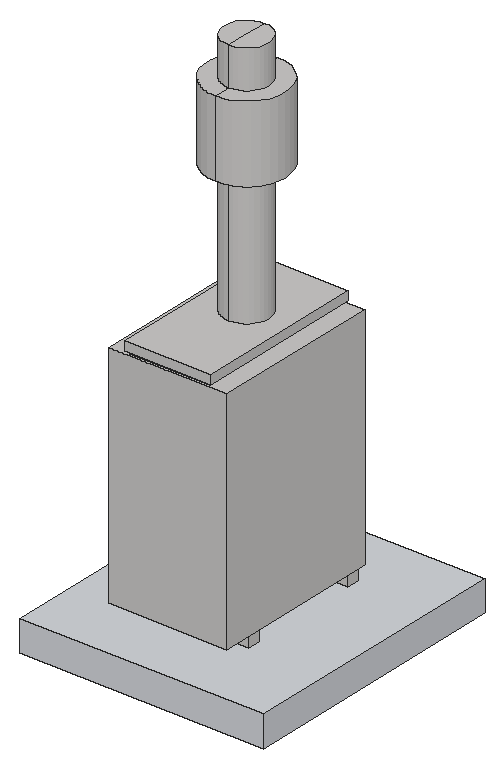
Revit family "DC_Rheem_PLM_Raypak_B0200HWT", category Plumbing Fixtures, host Face, Revit 2017
Family settings
  Host = Face
  Round Connector Dimension = Use Radius
  Part Type = Normal
  Cut with Voids When Loaded = No
  Shared = No
  Room Calculation Point = No
Parameters (values of type "Raypak - Gas Water Heater- Outdoor - 185 MJ/h  Propane gas, On/Off gas control")
  Width_ANZRS = 465 mm
  URL = "http://www.rheem.com.au/CommercialProducts"
  Type Comments = "Recovery 705L/h @ 50°C rise\r\n"
  Model = "B0200PCO/HWT\r\n"
  Materials_ANZRS = Raypak - Grey Powder Coated Steel
  PRVDistance_ANZRS = 210 mm
  PRV_ANZRS = 10 mm
  Manufacturer = "Raypak\r\n"
  Length_ANZRS = 675 mm
  HotWaterOutletRadius_ANZRS = 10 mm
  HotWaterOutletDiameter_ANZRS = HotWaterOutletRadius_ANZRS * 2  # 20 mm
  HotWaterConnectionDistance_ANZRS = 170 mm
  Height_ANZRS = 1955 mm
  H1_ANZRS = 940 mm
  GasInletRadius_ANZRS = 10 mm
  GasInletHeight_ANZRS = 370 mm
  GasInletDiameter_ANZRS = GasInletRadius_ANZRS * 2  # 20 mm
  GasConnectionDistance_ANZRS = 105 mm
  DesignBy_ANZRS = "Design Content ©\r\n"
  Description = "Raypak - Gas Water Heater- Outdoor - 185 MJ/h  Propane gas, On/Off gas control\r\n"
  Default Elevation = 0 mm
  Connection Height_ANZRS = 700 mm
  ColdWaterInletRadius_ANZRS = 10 mm
  ColdWaterInletDiameter_ANZRS = ColdWaterInletRadius_ANZRS * 2  # 20 mm
  ColdWaterConnectionDistance_ANZRS = 215 mm
  BoxHeight_ANZRS = 985 mm
  Base1Distance_ANZRS = 30 mm
  BaseWidth_ANZRS = 50 mm
  Basae2Distance = 105 mm
  Author_ANZRS = "DM"
  Assembly Code = ""
Types (4, lengths in mm): name | Type Comments | Model | HotWaterOutletRadius_ANZRS | HotWaterOutletDiameter_ANZRS | GasInletRadius_ANZRS | GasInletDiameter_ANZRS | Description | ColdWaterInletRadius_ANZRS | ColdWaterInletDiameter_ANZRS
  Raypak - Gas Water Heater- Outdoor - 196 MJ/h  Natural gas, modulating gas control | "Recovery 750L/h @ 50°C rise\r\n" | "B0200NCM/HWT\r\n" | 20 | 40 | 12.5 | 25 | "Raypak - Gas Water Heater- Outdoor - 196 MJ/h  Natural gas, modulating gas control" | 20 | 40
  Raypak - Gas Water Heater- Outdoor - 196 MJ/h  Natural gas, On/Off gas control | "Recovery 750L/h @ 50°C rise\r\n" | "B0200NCO/HWT\r\n" | 10 | 20 | 10 | 20 | "Raypak - Gas Water Heater- Outdoor - 196 MJ/h  Natural gas, On/Off gas control\r\n" | 10 | 20
  Raypak - Gas Water Heater- Outdoor - 185 MJ/h  Propane gas, modulating gas control | "Recovery 705L/h @ 50°C rise\r\n" | "B0200PCM/HWT\r\n" | 10 | 20 | 10 | 20 | "Raypak - Gas Water Heater- Outdoor - 185 MJ/h  Propane gas, modulating gas control\r\n" | 10 | 20
  Raypak - Gas Water Heater- Outdoor - 185 MJ/h  Propane gas, On/Off gas control | "Recovery 705L/h @ 50°C rise\r\n" | "B0200PCO/HWT\r\n" | 10 | 20 | 10 | 20 | "Raypak - Gas Water Heater- Outdoor - 185 MJ/h  Propane gas, On/Off gas control\r\n" | 10 | 20
Reference planes
  plane 1 "Center (Front/Back)": y = 0
  plane 2: z = 0
  plane 3 "Center (Left/Right)": x = 0
  plane 4: z = 1955
  plane 5: z = 985
  plane 6: z = 700
  plane 7: z = 370
  plane 8: y = 288
  plane 9: y = -387
  plane 10: y = 78
  plane 11: y = 118
  plane 12: y = -97
  plane 13: y = -282
  plane 14: y = 87.5
  plane 15: y = -87.5
  plane 16: x = -232.5
  plane 17: x = 232.5
  plane 18: z = 40
  plane 19: z = 600
  plane 20: z = 585
  plane 21: y = -327
  plane 22: x = -227.5
  plane 23: y = 258
  plane 24: y = 208
  plane 25: y = -232
  plane 26: y = -282
  plane 27: x = 87.5
  plane 28: x = -87.5
  plane 29: z = 940
  plane 30: z = 950
  plane 31: x = 167.5
  plane 32: x = -167.5
  plane 33: x = 157.5
  plane 34: x = -157.5
  plane 35: y = -377
  plane 36: y = 278
  plane 37: z = 1805
  plane 38: z = 1505
Forms (mm)
  Extrusion 1, solid
    sketch origin (0, 0, 0) x (1, 0, 0) y (0, 1, 0)
      loop
        line (-427.5, 508) -> (-427.5, -578.84) -> (529.111, -578.84) -> (529.111, 508) -> (-427.5, 508)
    from 0 to -120
  Extrusion 2, solid, material "Raypak - Grey Powder Coated Steel" <- "Materials_ANZRS"
    sketch origin (0, 0, 0) x (1, 0, 0) y (0, 1, 0)
      loop
        line (-232.5, 288) -> (-232.5, -387) -> (232.5, -387) -> (232.5, 288) -> (-232.5, 288)
    from 40 to 940
  Revolve 3, solid, material "Raypak - Grey Powder Coated Steel" <- "Materials_ANZRS"
    sketch origin (0, 0, 105) x (0, 1, 0) y (0, 0, 1)
      loop
        line (0, 1850) -> (-87.5, 1850) -> (-87.5, 1700) -> (-153.5, 1700) -> (-153.5, 1400) -> (-87.5, 1400) -> (-87.5, 880) -> (0, 880) -> (0, 1850)
      axis (0, 1850) -> (0, 880)
    angle from 0 to 360
  Extrusion 4, void
    sketch origin (0, 0, 0) x (0, 1, 0) y (0, 0, 1)
      loop
        circle (78, 700) r 10
      loop
        circle (118, 700) r 10
      loop
        circle (-97, 700) r 10
    from -232.5 to -227.5
  Extrusion 5, void
    sketch origin (0, 0, 0) x (0, 1, 0) y (0, 0, 1)
      loop
        circle (-327, 600) r 5
      loop
        circle (-327, 585) r 5
      loop
        circle (-282, 370) r 10
    from -232.5 to -227.5
  Extrusion 6, solid, material "Raypak - Grey Powder Coated Steel" <- "Materials_ANZRS"
    sketch origin (0, 0, 0) x (0, 1, 0) y (0, 0, 1)
      loop
        line (258, 40) -> (208, 40) -> (208, 0) -> (258, 0) -> (258, 40)
      loop
        line (-232, 40) -> (-282, 40) -> (-282, 0) -> (-232, 0) -> (-232, 40)
    from -232.5 to 232.5
  Extrusion 7, solid, material "Raypak - Grey Powder Coated Steel" <- "Materials_ANZRS"
    sketch origin (0, 0, 0) x (1, 0, 0) y (0, 0, 1)
      loop
        line (167.5, 985) -> (-167.5, 985) -> (-167.5, 950) -> (167.5, 950) -> (167.5, 985)
    from -288 to 387
  Extrusion 8, solid, material "Raypak - Grey Powder Coated Steel" <- "Materials_ANZRS"
    sketch origin (0, 0, 0) x (1, 0, 0) y (0, 0, 1)
      loop
        line (157.5, 950) -> (-157.5, 950) -> (-157.5, 940) -> (157.5, 940) -> (157.5, 950)
    from -278 to 377
Cuts and joins
  Extrusion 4, Extrusion 5 cuts Extrusion 2
Lines and regions (mm)
  Masking region 1
    outline origin (0, 0, 0) x (1, 0, 0) y (0, 1, 0)
      loop
        line (-232.5, 288) -> (-232.5, -387) -> (232.5, -387) -> (232.5, 288) -> (-232.5, 288)
  Masking region 2
    outline origin (0, 0, 0) x (1, 0, 0) y (0, 0, 1)
      loop
        line (-87.5, 1955) -> (-87.5, 1805) -> (-153.5, 1805) -> (-153.5, 1505) -> (-87.5, 1505) -> (-87.5, 985) -> (-167.5, 985) -> (-167.5, 950) -> (-157.5, 950) -> (-157.5, 940) -> (-232.5, 940) -> (-232.5, 0) -> (232.5, 0) -> (232.5, 940) -> (157.5, 940) -> (157.5, 950) -> (167.5, 950) -> (167.5, 985) -> (87.5, 985) -> (87.5, 1505) -> (153.5, 1505) -> (153.5, 1805) -> (87.5, 1805) -> (87.5, 1955) -> (0, 1955) -> (-87.5, 1955)
  Masking region 3
    outline origin (0, 0, 0) x (0, 1, 0) y (0, 0, 1)
      loop
        line (-87.5, 1955) -> (-87.5, 1805) -> (-153.5, 1805) -> (-153.5, 1505) -> (-87.5, 1505) -> (-87.5, 985) -> (-387, 985) -> (-387, 950) -> (-377, 950) -> (-377, 940) -> (-387, 940) -> (-387, 40) -> (-282, 40) -> (-282, 0) -> (-232, 0) -> (-232, 40) -> (208, 40) -> (208, 0) -> (258, 0) -> (258, 40) -> (288, 40) -> (288, 940) -> (278, 940) -> (278, 950) -> (288, 950) -> (288, 985) -> (87.5, 985) -> (87.5, 1505) -> (153.5, 1505) -> (153.5, 1805) -> (87.5, 1805) -> (87.5, 1955) -> (-87.5, 1955)
  symbolic lines, style "Rheem Raypak", detail levels fine
    curve 1: arc (0, 153.5, 0) -> (-153.5, 0, 0) -> (0, -153.5, 0) r 153.5
    curve 2: arc (0, -153.5, 0) -> (153.5, 0, 0) -> (0, 153.5, 0) r 153.5
    curve 3: arc (0, 153.5, 0) -> (153.5, 0, 0) -> (0, -153.5, 0) r 153.5
    curve 4: arc (0, -153.5, 0) -> (-153.5, 0, 0) -> (0, 153.5, 0) r 153.5
    curve 5: arc (0, -87.5, 0) -> (-87.5, 0, 0) -> (0, 87.5, 0) r 87.5
    curve 6: arc (0, 87.5, 0) -> (87.5, 0, 0) -> (0, -87.5, 0) r 87.5
    curve 7: line (232.5, -387, 0) -> (232.5, 288, 0)
    curve 8: line (232.5, 288, 0) -> (-232.5, 288, 0)
    curve 9: line (-232.5, 288, 0) -> (-232.5, -387, 0)
    curve 10: line (-232.5, -387, 0) -> (232.5, -387, 0)
    curve 11: line (232.5, 0, 940) -> (-232.5, 0, 940)
    curve 12: line (232.5, 0, 40) -> (232.5, 0, 940)
    curve 13: line (-232.5, 0, 940) -> (-232.5, 0, 40)
    curve 14: line (-232.5, 0, 40) -> (232.5, 0, 40)
    curve 15: line (232.5, 0, 0) -> (232.5, 0, 40)
    curve 16: line (-232.5, 0, 40) -> (-232.5, 0, 0)
    curve 17: line (-232.5, 0, 0) -> (232.5, 0, 0)
    curve 18: line (-87.5, 0, 1505) -> (-87.5, 0, 985)
    curve 19: line (87.5, 0, 1505) -> (87.5, 0, 985)
    curve 20: arc (0, 68, 700) -> (0, 78, 690) -> (0, 88, 700) r 10
    curve 21: arc (0, 88, 700) -> (0, 78, 710) -> (0, 68, 700) r 10
    curve 22: arc (0, 128, 700) -> (0, 118, 710) -> (0, 108, 700) r 10
    curve 23: arc (0, 108, 700) -> (0, 118, 690) -> (0, 128, 700) r 10
    curve 24: arc (0, -107, 700) -> (0, -97, 690) -> (0, -87, 700) r 10
    curve 25: arc (0, -87, 700) -> (0, -97, 710) -> (0, -107, 700) r 10
    curve 26: arc (0, -272, 370) -> (0, -282, 380) -> (0, -292, 370) r 10
    curve 27: arc (0, -292, 370) -> (0, -282, 360) -> (0, -272, 370) r 10
    curve 28: arc (0, -332, 585) -> (0, -327, 580) -> (0, -322, 585) r 5
    curve 29: arc (0, -322, 585) -> (0, -327, 590) -> (0, -332, 585) r 5
    curve 30: arc (0, -332, 600) -> (0, -327, 595) -> (0, -322, 600) r 5
    curve 31: arc (0, -322, 600) -> (0, -327, 605) -> (0, -332, 600) r 5
    curve 32: line (0, 288, 985) -> (0, -387, 985)
    curve 33: line (0, -387, 985) -> (0, -387, 950)
    curve 34: line (0, 288, 40) -> (0, 288, 940)
    curve 35: line (0, -387, 40) -> (0, 288, 40)
    curve 36: line (0, 208, 40) -> (0, 208, 0)
    curve 37: line (0, 258, 0) -> (0, 258, 40)
    curve 38: line (0, 208, 0) -> (0, 258, 0)
    curve 39: line (0, -232, 0) -> (0, -232, 40)
    curve 40: line (0, -282, 40) -> (0, -282, 0)
    curve 41: line (0, -282, 0) -> (0, -232, 0)
    curve 42: line (-167.5, 288, 0) -> (-167.5, -387, 0)
    curve 43: line (167.5, -387, 0) -> (167.5, 288, 0)
    curve 44: line (167.5, 0, 950) -> (167.5, 0, 985)
    curve 45: line (-167.5, 0, 950) -> (167.5, 0, 950)
    curve 46: line (157.5, 0, 940) -> (157.5, 0, 950)
    curve 47: line (-167.5, 0, 985) -> (-167.5, 0, 950)
    curve 48: line (-157.5, 0, 950) -> (-157.5, 0, 940)
    curve 49: line (167.5, 0, 985) -> (-167.5, 0, 985)
    curve 50: line (0, -387, 950) -> (0, 288, 950)
    curve 51: line (0, 288, 940) -> (0, -387, 940)
    curve 52: line (0, 278, 940) -> (0, 278, 950)
    curve 53: line (0, -377, 950) -> (0, -377, 940)
    curve 54: line (0, -387, 940) -> (0, -387, 40)
    curve 55: line (0, 288, 950) -> (0, 288, 985)
    curve 56: line (0, -87.5, 1955) -> (0, 87.5, 1955)
    curve 57: line (0, -87.5, 1955) -> (0, -87.5, 1805)
    curve 58: line (0, 87.5, 1805) -> (0, 87.5, 1955)
    curve 59: line (0, -153.5, 1805) -> (0, 153.5, 1805)
    curve 60: line (0, 153.5, 1505) -> (0, 153.5, 1805)
    curve 61: line (0, -153.5, 1805) -> (0, -153.5, 1505)
    curve 62: line (0, -153.5, 1505) -> (0, 153.5, 1505)
    curve 63: line (-153.5, 0, 1505) -> (153.5, 0, 1505)
    curve 64: line (153.5, 0, 1505) -> (153.5, 0, 1805)
    curve 65: line (-153.5, 0, 1805) -> (-153.5, 0, 1505)
    curve 66: line (-153.5, 0, 1805) -> (0, 0, 1805)
    curve 67: line (0, 0, 1805) -> (153.5, 0, 1805)
    curve 68: line (87.5, 0, 1805) -> (87.5, 0, 1955)
    curve 69: line (-87.5, 0, 1955) -> (-87.5, 0, 1805)
    curve 70: line (-87.5, 0, 1955) -> (0, 0, 1955)
    curve 71: line (0, 0, 1955) -> (87.5, 0, 1955)
Dimensions and locks
  "Height_ANZRS": plane 4 to level
  "BoxHeight_ANZRS": plane 5 to level
  "Connection Height_ANZRS": plane 6 to Extrusion 1
  "GasInletHeight_ANZRS": plane 7 to level
  "Length_ANZRS": plane 8 to plane 9
  "PRVDistance_ANZRS": plane 8 to plane 10
  "HotWaterConnectionDistance_ANZRS": plane 8 to plane 11
  "ColdWaterConnectionDistance_ANZRS": plane 11 to plane 12
  "GasConnectionDistance_ANZRS": plane 13 to plane 9
  plane 1 "Center (Front/Back)" to plane 9 = 387 mm
  plane 18 to level = 40 mm
  equal spacing: plane 17, plane 3 "Center (Left/Right)", plane 16
  "Width_ANZRS": plane 17 to plane 16
  equal spacing: plane 14, plane 1 "Center (Front/Back)", plane 15
  locked: plane 14 to plane 15 at 175
  plane 19 to Extrusion 1 = 600 mm
  plane 20 to Extrusion 1 = 585 mm
  plane 18 to Extrusion 1 = 40 mm
  plane 21 to plane 9 = 60 mm
  plane 16 to plane 22 = 5 mm
  "Base1Distance_ANZRS": plane 8 to plane 23
  "BaseWidth_ANZRS": plane 23 to plane 24
  "BaseWidth_ANZRS": plane 25 to plane 26
  "Basae2Distance": plane 26 to plane 9
  equal spacing: plane 28, plane 3 "Center (Left/Right)", plane 27
  locked: plane 28 to plane 27 at 175
  "H1_ANZRS": plane 29 to Extrusion 1
  locked: plane 29 to plane 30 at 10
  plane 32 to plane 3 "Center (Left/Right)" to plane 31 = 167.5 mm, 167.5 mm
  plane 32 to plane 31 = 335 mm
  locked: plane 33 to plane 31 at 10
  locked: plane 34 to plane 32 at 10
  locked: plane 35 to plane 9 at 10
  plane 36 to plane 8 = 10 mm
  plane 4 to plane 37 to plane 38 = 150 mm, 300 mm
  "HotWaterOutletRadius_ANZRS": radius of Extrusion 4 sketch curve
  "ColdWaterInletRadius_ANZRS": radius of Extrusion 4 sketch curve
  "PRV_ANZRS": radius of Extrusion 4 sketch curve
  "GasInletRadius_ANZRS": radius of Extrusion 5 sketch curve
  aligned and locked: plane 2 to Extrusion 1
  aligned and locked: level to Extrusion 1
  aligned and locked: plane 8 to Extrusion 2 sketch curve
  aligned and locked: plane 16 to Extrusion 2 sketch curve
  aligned and locked: plane 9 to Extrusion 2 sketch curve
  aligned and locked: plane 17 to Extrusion 2 sketch curve
  aligned: plane 5 to Extrusion 2
  aligned and locked: Revolve 3 sketch curve to plane 1 "Center (Front/Back)"
  aligned and locked: plane 11 to Extrusion 4 sketch curve
  aligned and locked: plane 10 to Extrusion 4 sketch curve
  aligned and locked: plane 6 to Extrusion 4 sketch curve  (x3)
  aligned and locked: Extrusion 4 to plane 16
  aligned and locked: Extrusion 2 to plane 18
  aligned and locked: plane 12 to Extrusion 4 sketch curve
  aligned and locked: Revolve 3 sketch curve to plane 4
  aligned and locked: plane 5 to Revolve 3 sketch curve
  aligned: plane 15 to Revolve 3 sketch curve
  aligned and locked: plane 15 to Revolve 3 sketch curve
  aligned and locked: plane 19 to Extrusion 5 sketch curve
  aligned and locked: plane 21 to Extrusion 5 sketch curve  (x2)
  aligned and locked: plane 20 to Extrusion 5 sketch curve
  aligned and locked: Extrusion 5 to plane 16
  aligned and locked: plane 22 to Extrusion 5
  aligned and locked: plane 13 to Extrusion 5 sketch curve
  aligned and locked: plane 7 to Extrusion 5 sketch curve
  aligned and locked: Extrusion 5 to Extrusion 4
  aligned and locked: plane 18 to Extrusion 6 sketch curve  (x2)
  aligned and locked: Extrusion 6 sketch curve to plane 23
  aligned and locked: Extrusion 6 sketch curve to level  (x2)
  aligned and locked: plane 24 to Extrusion 6 sketch curve
  aligned and locked: Extrusion 6 sketch curve to plane 25
  aligned and locked: plane 26 to Extrusion 6 sketch curve
  aligned and locked: Extrusion 6 to plane 16
  aligned and locked: Extrusion 6 to plane 17
  aligned and locked: Masking region 1 sketch curve to cut or joined group of Extrusion 2, Extrusion 4, Extrusion 5  (x4)
  aligned and locked: Masking region 2 sketch curve to plane 28
  aligned and locked: Masking region 2 sketch curve to Revolve 3  (x2)
  aligned and locked: Revolve 3 to Masking region 2 sketch curve  (x2)
  aligned and locked: Masking region 2 sketch curve to plane 27
  aligned and locked: plane 5 to Masking region 2 sketch curve
  aligned and locked: plane 16 to Masking region 2 sketch curve
  aligned and locked: Masking region 2 sketch curve to plane 17
  aligned and locked: Extrusion 1 to Masking region 2 sketch curve
  aligned and locked: Masking region 3 sketch curve to Revolve 3  (x4)
  aligned and locked: Masking region 3 sketch curve to plane 15  (x2)
  aligned and locked: plane 5 to Masking region 3 sketch curve
  aligned and locked: Masking region 3 sketch curve to plane 9
  aligned and locked: plane 18 to Masking region 3 sketch curve
  aligned and locked: Masking region 3 sketch curve to Extrusion 6  (x4)
  aligned and locked: plane 24 to Masking region 3 sketch curve
  aligned and locked: plane 23 to Masking region 3 sketch curve
  aligned and locked: plane 8 to Masking region 3 sketch curve
  aligned and locked: plane 14 to Masking region 3 sketch curve
  aligned and locked: curve 1 to Revolve 3
  aligned and locked: curve 2 to Revolve 3
  aligned and locked: curve 3 to Revolve 3
  aligned and locked: curve 4 to Revolve 3
  aligned and locked: curve 5 to Revolve 3
  aligned and locked: curve 6 to Revolve 3
  aligned and locked: curve 7 to cut or joined group of Extrusion 2, Extrusion 4, Extrusion 5
  aligned and locked: curve 8 to cut or joined group of Extrusion 2, Extrusion 4, Extrusion 5
  aligned and locked: curve 9 to cut or joined group of Extrusion 2, Extrusion 4, Extrusion 5
  aligned and locked: curve 10 to cut or joined group of Extrusion 2, Extrusion 4, Extrusion 5
  aligned and locked: curve 20 to cut or joined group of Extrusion 2, Extrusion 4, Extrusion 5
  aligned and locked: curve 21 to cut or joined group of Extrusion 2, Extrusion 4, Extrusion 5
  aligned and locked: curve 22 to cut or joined group of Extrusion 2, Extrusion 4, Extrusion 5
  aligned and locked: curve 23 to cut or joined group of Extrusion 2, Extrusion 4, Extrusion 5
  aligned and locked: curve 24 to cut or joined group of Extrusion 2, Extrusion 4, Extrusion 5
  aligned and locked: curve 25 to cut or joined group of Extrusion 2, Extrusion 4, Extrusion 5
  aligned and locked: curve 26 to cut or joined group of Extrusion 2, Extrusion 4, Extrusion 5
  aligned and locked: curve 27 to cut or joined group of Extrusion 2, Extrusion 4, Extrusion 5
  aligned and locked: curve 28 to cut or joined group of Extrusion 2, Extrusion 4, Extrusion 5
  aligned and locked: curve 29 to cut or joined group of Extrusion 2, Extrusion 4, Extrusion 5
  aligned and locked: curve 30 to cut or joined group of Extrusion 2, Extrusion 4, Extrusion 5
  aligned and locked: curve 31 to cut or joined group of Extrusion 2, Extrusion 4, Extrusion 5
  aligned and locked: plane 29 to Extrusion 2
  aligned and locked: curve 11 to cut or joined group of Extrusion 2, Extrusion 4, Extrusion 5
  aligned and locked: plane 5 to Extrusion 7 sketch curve
  aligned and locked: Extrusion 7 sketch curve to plane 31
  aligned and locked: Extrusion 7 sketch curve to plane 30
  aligned and locked: Extrusion 7 sketch curve to plane 32
  aligned and locked: plane 30 to Extrusion 8 sketch curve
  aligned and locked: Extrusion 8 sketch curve to plane 33
  aligned and locked: Extrusion 8 sketch curve to plane 29
  aligned and locked: Extrusion 8 sketch curve to plane 34
  aligned and locked: Extrusion 7 to plane 8
  aligned and locked: Extrusion 7 to plane 9
  aligned and locked: Extrusion 8 to plane 35
  aligned and locked: plane 36 to Extrusion 8
  aligned and locked: curve 42 to Extrusion 7
  aligned and locked: curve 43 to Extrusion 7
  aligned and locked: curve 44 to Extrusion 7
  aligned and locked: curve 45 to Extrusion 7
  aligned and locked: curve 46 to Extrusion 8
  aligned and locked: curve 47 to Extrusion 7
  aligned and locked: curve 48 to Extrusion 8
  aligned and locked: curve 49 to Extrusion 7
  aligned and locked: Masking region 2 sketch curve to Extrusion 7  (x3)
  aligned and locked: Extrusion 7 to Masking region 2 sketch curve
  aligned and locked: Masking region 2 sketch curve to Extrusion 8  (x2)
  aligned and locked: Masking region 2 sketch curve to cut or joined group of Extrusion 2, Extrusion 4, Extrusion 5
  aligned and locked: curve 50 to Extrusion 7
  aligned and locked: curve 51 to cut or joined group of Extrusion 2, Extrusion 4, Extrusion 5
  aligned and locked: curve 52 to Extrusion 8
  aligned and locked: curve 53 to Extrusion 8
  aligned and locked: Masking region 3 sketch curve to Extrusion 7
  aligned and locked: Masking region 3 sketch curve to cut or joined group of Extrusion 2, Extrusion 4, Extrusion 5
  aligned and locked: Masking region 3 sketch curve to Extrusion 8  (x2)
  aligned and locked: plane 37 to Revolve 3 sketch curve
  aligned and locked: Revolve 3 to Masking region 3 sketch curve
  aligned and locked: Masking region 2 sketch curve to plane 37
  aligned and locked: curve 56 to Revolve 3
  aligned and locked: curve 57 to Masking region 3
  aligned and locked: curve 58 to Masking region 3
  aligned and locked: curve 59 to Revolve 3
  aligned and locked: curve 60 to Masking region 3
  aligned and locked: curve 61 to Masking region 3
  aligned and locked: curve 62 to Revolve 3
Automatic sketch dimensions
  Extrusion 1 sketch curve to Extrusion 1 sketch curve = 956.611 mm
  Extrusion 1 sketch curve to Extrusion 1 sketch curve = 1086.84 mm
  plane 8 to curve 8 = 0 mm
  curve 8 to plane 16 = 0 mm
  curve 7 to plane 17 = 0 mm
  curve 10 to plane 9 = 0 mm
  curve 40 to plane 13 = 0 mm
  curve 41 to plane 25 = 0 mm
  curve 13 to plane 16 = 0 mm
  plane 28 to curve 18 = 0 mm
  plane 27 to curve 19 = 0 mm
  plane 17 to curve 15 = 0 mm
  curve 17 to level = 0 mm
  curve 14 to plane 18 = 0 mm
  curve 32 to plane 9 = 0 mm
  curve 35 to plane 18 = 0 mm
  curve 36 to plane 24 = 0 mm
  curve 37 to plane 23 = 0 mm
  curve 38 to level = 0 mm
  curve 40 to level = 0 mm
  curve 39 to plane 18 = 0 mm
  curve 40 to plane 18 = 0 mm
  curve 37 to plane 18 = 0 mm
  curve 36 to plane 18 = 0 mm
  curve 42 to plane 32 = 0 mm
  curve 43 to plane 31 = 0 mm
  curve 45 to plane 30 = 0 mm
  curve 45 to plane 32 = 0 mm
  plane 31 to curve 44 = 0 mm
  plane 33 to curve 46 = 0 mm
  curve 47 to plane 5 = 0 mm
  curve 48 to plane 34 = 0 mm
  curve 50 to plane 30 = 0 mm
  curve 52 to plane 36 = 0 mm
  curve 53 to plane 35 = 0 mm
  curve 51 to plane 9 = 0 mm
  curve 50 to plane 8 = 0 mm
  curve 51 to plane 8 = 0 mm
  curve 32 to plane 5 = 0 mm
  Revolve 3 sketch curve to plane 38 = 0 mm
  Revolve 3 sketch curve to plane 15 = 0 mm
  Revolve 3 sketch curve to plane 1 "Center (Front/Back)" = 0 mm
  plane 12 to Revolve 3 sketch curve = 56.5 mm
  Revolve 3 sketch curve to Revolve 3 sketch curve = 675 mm
  Revolve 3 sketch curve to Revolve 3 sketch curve = 130 mm
  Masking region 3 sketch curve to plane 9 = 0 mm
  Masking region 3 sketch curve to plane 14 = 0 mm
  Masking region 3 sketch curve to plane 8 = 0 mm
  Masking region 3 sketch curve to plane 18 = 0 mm  (x2)
  Masking region 3 sketch curve to plane 29 = 0 mm
  Masking region 3 sketch curve to plane 30 = 0 mm
  Masking region 3 sketch curve to plane 5 = 0 mm
  Masking region 3 sketch curve to plane 38 = 0 mm
  plane 12 to Masking region 3 sketch curve = 56.5 mm
  Masking region 2 sketch curve to plane 28 = 0 mm
  Masking region 2 sketch curve to plane 3 "Center (Left/Right)" = 0 mm
  plane 27 to Masking region 2 sketch curve = 0 mm
  Masking region 2 sketch curve to plane 37 = 0 mm
  Masking region 2 sketch curve to plane 29 = 0 mm
  Masking region 2 sketch curve to plane 5 = 0 mm
  plane 34 to Masking region 2 sketch curve = 4 mm
  plane 33 to Masking region 2 sketch curve = 4 mm
  plane 33 to curve 64 = 4 mm
  plane 34 to curve 65 = 4 mm
  plane 27 to curve 68 = 0 mm
  curve 69 to plane 28 = 0 mm
  curve 70 to plane 3 "Center (Left/Right)" = 0 mm
  curve 56 to plane 4 = 0 mm
  curve 56 to plane 15 = 0 mm
  curve 56 to plane 14 = 0 mm
  curve 57 to plane 37 = 0 mm
  plane 12 to curve 59 = 56.5 mm
  curve 59 to plane 11 = 35.5 mm
  curve 61 to plane 38 = 0 mm
  curve 66 to plane 3 "Center (Left/Right)" = 0 mm
  curve 68 to plane 4 = 0 mm
  curve 69 to plane 37 = 0 mm
  curve 18 to plane 38 = 0 mm
  curve 63 to plane 38 = 0 mm
  curve 19 to plane 38 = 0 mm
  curve 65 to plane 37 = 0 mm
  curve 68 to plane 37 = 0 mm
  Extrusion 5 sketch curve to plane 13 = 0 mm
  radius of Extrusion 5 sketch curve = 5 mm  (x2)
Connectors
  piping at (-232.5, 118, 700), diameter 20, driven by "HotWaterOutletRadius_ANZRS"
    settings: on cut or joined group of Extrusion 2, Extrusion 4, Extrusion 5, index 1, connector inside diameter 1.5748", connector length 0 mm, flow factor 0, pipe flow 0 GPM, pressure drop 0.00 psi, fitting loss kfactor 0, connector angle 0.00°, fixture units 0, engagement length 0 mm, angle of deflection 0.00°, flow configuration 1, flow direction 2, fitting loss method 0, system type 19, joint type 0, gender type 0, connector reference index -1, connector utility 0, adjustable connector no, is connector primary yes, connector description ""
  piping at (-232.5, 78, 700), diameter 20, driven by "PRV_ANZRS"
    settings: on cut or joined group of Extrusion 2, Extrusion 4, Extrusion 5, index 2, connector inside diameter 0.7874", connector length 0 mm, flow factor 0, pipe flow 0 GPM, pressure drop 0.00 psi, fitting loss kfactor 0, connector angle 0.00°, fixture units 0, engagement length 0 mm, angle of deflection 0.00°, flow configuration 1, flow direction 1, fitting loss method 0, system type 19, joint type 0, gender type 0, connector reference index -1, connector utility 0, adjustable connector no, is connector primary no, connector description ""
  piping at (-232.5, -97, 700), diameter 20, driven by "ColdWaterInletRadius_ANZRS"
    settings: on cut or joined group of Extrusion 2, Extrusion 4, Extrusion 5, index 3, connector inside diameter 1.5748", connector length 0 mm, flow factor 0, pipe flow 0 GPM, pressure drop 0.00 psi, fitting loss kfactor 0, connector angle 0.00°, fixture units 0, engagement length 0 mm, angle of deflection 0.00°, flow configuration 1, flow direction 1, fitting loss method 0, system type 20, joint type 0, gender type 0, connector reference index -1, connector utility 0, adjustable connector no, is connector primary no, connector description ""
  piping at (-232.5, -282, 370), diameter 20, driven by "GasInletRadius_ANZRS"
    settings: on cut or joined group of Extrusion 2, Extrusion 4, Extrusion 5, index 4, connector inside diameter 0.98425", connector length 0 mm, flow factor 0, pipe flow 0 GPM, pressure drop 0.00 psi, fitting loss kfactor 0, connector angle 0.00°, fixture units 0, engagement length 0 mm, angle of deflection 0.00°, flow configuration 1, flow direction 1, fitting loss method 0, system type 22, joint type 0, gender type 0, connector reference index -1, connector utility 0, adjustable connector no, is connector primary no, connector description "Gas"
  electrical at (-232.5, -327, 600)
    settings: on cut or joined group of Extrusion 2, Extrusion 4, Extrusion 5, index 5, voltage 0 V, apparent load 0 VA, apparent load phase1 0 VA, apparent load phase2 0 VA, apparent load phase3 0 VA, power factor 1, load classification "Other", number of poles 1, system type 30, power factor state 1, is connector primary yes, connector utility no, sub classification motor no, connector description ""
  electrical at (-232.5, -327, 585)
    settings: on cut or joined group of Extrusion 2, Extrusion 4, Extrusion 5, index 6, voltage 0 V, apparent load 0 VA, apparent load phase1 0 VA, apparent load phase2 0 VA, apparent load phase3 0 VA, power factor 1, load classification "Other", number of poles 1, system type 30, power factor state 1, is connector primary no, connector utility no, sub classification motor no, connector description ""
